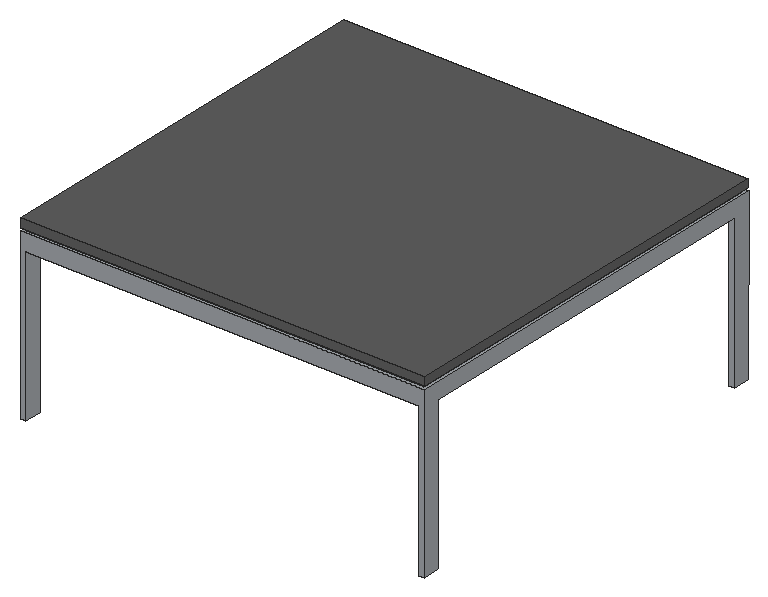
Revit family
Parameters
  URL = "http://www.martinbrattrud.com"
  Table Top [instance] = none
  SCS Certified Product = "Yes"
  Model = "Lundin 1006-36SL"
  Manufacturer = "Martin Brattrud, Inc."
  Leg [instance] = none
  Keynote = "125000"
  Copyright = "© 2013 Martin Brattrud, Inc."
  Authoring Version = "Revit Architecture 2010"
  Assembly Code = "E2020200"
Reference planes (in)
  plane 1 "Center Front/Back": y = 0
  plane 2: z = 0
  plane 3 "Center Left/Right": x = 0
  plane 4: x = -18
  plane 5: x = 18
  plane 6: y = 18
  plane 7: y = -18
  plane 8: y = 17.6875
  plane 9: y = -17.6875
  plane 10: x = -17.6875
  plane 11: x = 17.6875
  plane 12: z = 0
  plane 13: z = 16
  plane 14: x = -18
  plane 15: x = 18
  plane 16: y = -18
  plane 17: y = 18
Forms (in)
  Extrusion 1, solid, material <- "Leg"
    sketch origin (-6, 0, 0) x (0, 1, 0) y (0, 0, -1)
      loop
        line (18, 0) -> (16.5, 0) -> (16.5, -13.5) -> (-16.5, -13.5) -> (-16.5, 0) -> (-18, 0) -> (-18, -15) -> (18, -15) -> (18, 0)
    from 11.5 to 12
  Extrusion 2, solid, material <- "Leg"
    sketch origin (0, 0, -4) x (0, 1, 0) y (0, 0, 1)
      loop
        line (18, 19) -> (17.5, 19) -> (17.5, 17.5) -> (18, 17.5) -> (18, 19)
      loop
        line (-18, 19) -> (-18, 17.5) -> (-17.5, 17.5) -> (-17.5, 19) -> (-18, 19)
    from -18 to 18
  Extrusion 3, solid, material <- "Leg"
    sketch origin (6, 0, 0) x (0, 1, 0) y (0, 0, 1)
      loop
        line (18, 0) -> (18, 15) -> (-18, 15) -> (-18, 0) -> (-16.5, 0) -> (-16.5, 13.5) -> (16.5, 13.5) -> (16.5, 0) -> (18, 0)
    from 11.5 to 12
  Extrusion 4, solid, material <- "Table Top"
    sketch origin (0, 0, -4) x (1, 0, 0) y (0, 1, 0)
      loop
        line (17.6875, 17.6875) -> (-17.6875, 17.6875) -> (-17.6875, -17.6875) -> (17.6875, -17.6875) -> (17.6875, 17.6875)
    from 18.5217 to 19.25
  Extrusion 5, solid, material <- "Table Top"
    sketch origin (0, 0, -4) x (1, 0, 0) y (0, 1, 0)
      loop
        line (18, 18) -> (-18, 18) -> (-18, -18) -> (18, -18) -> (18, 18)
    from 19.25 to 20
Cuts and joins
  joined: Extrusion 1, Extrusion 2, Extrusion 3
